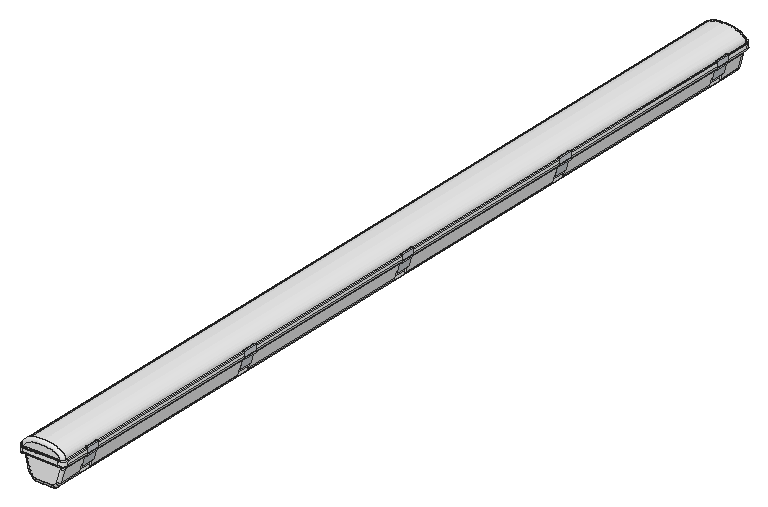
Revit family "0068081", category Lighting Fixtures, host Face, Revit 2017
Family settings
  Host = Face
  Round Connector Dimension = Use Diameter
  Part Type = Normal
  OmniClass Number = 23.80.70.11.14
  OmniClass Title = General Luminaries, Directional
  Cut with Voids When Loaded = No
  Light Source = Yes
  Shared = No
  Room Calculation Point = No
Parameters (values of type "0068081 ST WTRPRF GRP S 1500 IP65 EM 4000LM 840 - Emergency mode")
  Width = 84 mm
  Weight = "2.48 kg"
  Wattage Comments = "n/a"
  Wattage = 37 W
  WarrantyStartDate [instance] = "n/a"
  WarrantyGuarantorParts = "n/a"
  WarrantyDurationUnit = "n/a"
  WarrantyDurationParts = "n/a"
  WarrantyDescription = "n/a"
  built-in parameter 1150110 = 1 (stored number, unit not read)
  Voltage = 0 V
  URL = "http://www.sylvania-lighting.com"
  TypeName = "START Waterproof GRP Single 1500 IP65 EM 4000 840 - Emergency mode"
  Type Image = <None>
  Type Comments = "n/a"
  built-in parameter 1114217 = 1 (stored number, unit not read)
  Tilt Angle = -90.00°
  built-in parameter 1150109 = 1 (stored number, unit not read)
  built-in parameter 1150134 = 12
  built-in parameter 1150113 = 1 (stored number, unit not read)
  SerialNumber [instance] = "n/a"
  ReflectorMaterial = none
  PowerFactor = 0.95
  PowerConsumption = "37 W"
  Photometric Web File = "0068081EM.ies"
  NominalWidth = 0 mm
  NominalLength = 1578 mm
  NominalHeight = 75 mm
  Name = "START Waterproof GRP Single 1500 IP65 EM 4000 840 - Emergency mode"
  ModelReference = "START Waterproof GRP Single 1500 IP65 EM 4000 840 - Emergency mode"
  ModelNumber = "0068081"
  Model = "START Waterproof GRP Single 1500 IP65 EM 4000 840 - Emergency mode"
  Material = "composite material housing, pc polycarbonate diffuser"
  ManufacturerName = "Feilo Sylvania"
  Manufacturer = "Feilo Sylvania"
  LuminousEfficacy = "7.866 lm/W"
  built-in parameter 1150105 = 23.16 (stored number, unit not read)
  Lumens = 291.042 lm
  LuminaireType = ""
  built-in parameter 1150115 = 1 (stored number, unit not read)
  LightOutputRatio = "n/a"
  built-in parameter 1150137 = (empty or 0)
  built-in parameter 1150139 = (empty or 0)
  Length = 1572 mm
  LampsType = Lamp  # "LED"
  LampNominalLuminous = "275 lm"
  LampMacAdamStep = "n/a"
  LampColourTemperature = "4000 K"
  LampColourRenderingIndex = "80"
  built-in parameter 1150112 = 1 (stored number, unit not read)
  built-in parameter 1150114 = 1 (stored number, unit not read)
  Lamp = "LED"
  Keynote = "16500"
  InstallationDate [instance] = "n/a"
  InputVoltage = "n/a"
  InputNominalFrequency = "n/a"
  built-in parameter 1150132 = (empty or 0)
  built-in parameter 1150102 = (empty or 0)
  built-in parameter 1150107 = 4000 (stored number, unit not read)
  built-in parameter 1150138 = (empty or 0)
  IngressProtection = "IP65"
  ImpactProtectionIndex = "IK08"
  built-in parameter 1150106 = 0.2316 (stored number, unit not read)
  IfcExportType = "IfcLightFixtureType"
  IfcExportAs = "IfcLightFixtureType"
  ExpectedLife = 50000
  Emit from Rectangle Width = Width - 20 mm  # 64 mm
  Emit from Rectangle Length = Length - 20 mm  # 1552 mm
  Emit Shape Visible in Rendering = no
  ElectricShockClassification = "Class I"
  built-in parameter 1150104 = 0.73078 (stored number, unit not read)
  DurationUnit = "hours"
  DocumentationLiterature = "http://www.sylvania-lighting.com/product/en-int/products/0068081"
  DimmingControlOptions = "n/a"
  Dimming Lamp Color Temperature Shift = <None>
  DiffuserMaterial = Diffuser-Sylvania-Transparent
  Description = "Start Waterproof, integrated LED weatherproof luminaire, with UV stabilized flat diffuser and linear prisms designed to achieve uniform lit appearance, optimise light output and to reduce glare, stainless steel diffuser clips and fixing brackets for surface and wall mounting. Glass Reinforced Plastic housing for robustness, Polycarbonate diffuser, 3950lm, 37 W, 107 lm/W, 4000 K, drive current 1050 mA, non dimmable, 3 hours emergency, CRI 80, IP65, IK08, Class I, nominal average life (h): 50000, 1578mm x 84mm x 75mm, energy class: A++ A+ A, D-mark"
  Default Elevation = 1219.2 mm
  CreatedOn = "10/3/2019"
  CreatedBy = "@sylvania-lighting.com"
  Cost = 0
  Color Filter = 16777215
  built-in parameter 1114216 [instance] = (empty or 0)
  ClassificationValue = "EF_70_80"
  ClassificationName = "Uniclass2015"
  BodyMaterial = Body-Sylvania-Gray
  BarCode [instance] = "n/a"
  built-in parameter 1114218 = 1 (stored number, unit not read)
  built-in parameter 1150133 = 10 (stored number, unit not read)
  AssetType = "Fixed"
  AssetIdentifier [instance] = "n/a"
  Assembly Code = "D5020200"
  Apparent Load = 37 VA
  AccessoryMaterial = Diffuser-Sylvania-Glow
Types (2, lengths in mm): name | TypeName | Photometric Web File | Name | ModelReference | Model | LuminousEfficacy | built-in parameter 1150105 | Lumens | LampNominalLuminous | built-in parameter 1150106 | built-in parameter 1150104
  0068081 ST WTRPRF GRP S 1500 IP65 EM 4000LM 840 - Emergency mode | "START Waterproof GRP Single 1500 IP65 EM 4000 840 - Emergency mode" | "0068081EM.ies" | "START Waterproof GRP Single 1500 IP65 EM 4000 840 - Emergency mode" | "START Waterproof GRP Single 1500 IP65 EM 4000 840 - Emergency mode" | "START Waterproof GRP Single 1500 IP65 EM 4000 840 - Emergency mode" | "7.866 lm/W" | 23.16 (stored number, unit not read) | 291.042 lm | "275 lm" | 0.2316 (stored number, unit not read) | 0.73078 (stored number, unit not read)
  0068081 ST WTRPRF GRP S 1500 IP65 EM 4000LM 840 | "START Waterproof GRP Single 1500 IP65 EM 4000 840" | "0068081.ies" | "START Waterproof GRP Single 1500 IP65 EM 4000 840" | "START Waterproof GRP Single 1500 IP65 EM 4000 840" | "START Waterproof GRP Single 1500 IP65 EM 4000 840" | "107 lm/W" | 315.05 (stored number, unit not read) | 3959 lm | "3950 lm" | 3.1505 (stored number, unit not read) | 9.9406 (stored number, unit not read)
Reference planes
  plane 1 "Center (Front/Back)": y = 0
  plane 2: z = 0
  plane 3 "Center (Left/Right)": x = 0
  plane 4: z = 54
  plane 5: x = -14.7
  plane 6: x = -21.8
  plane 7: x = -26.6
  plane 8: x = -29.2
  plane 9: z = 3
  plane 10: z = 7.8
  plane 11: z = 12.3
  plane 12: z = 36.6
  plane 13: z = 42.8
  plane 14: x = -38.1
  plane 15: z = 46.2
  plane 16: x = -42
  plane 17: y = 786
  plane 18: y = -786
  plane 19: x = 14.7
  plane 20: x = 21.8
  plane 21: x = 26.6
  plane 22: x = 29.2
  plane 23: x = 38.1
  plane 24: x = 42
  plane 25: y = 778.4
  plane 26: y = -778.4
  plane 27: y = -774.7
  plane 28: y = 774.7
  plane 29: z = 74
  plane 30: x = -38.5
  plane 31: x = 38.5
  plane 32: z = 55.2
  plane 33: y = -782.5
  plane 34: y = 782.5
  plane 35: x = -24.5
  plane 36: x = 24.5
  plane 37: x = -35.7
  plane 38: x = 35.7
  plane 39: z = 50.2
  plane 40: z = 24.6
  plane 41: y = -720
  plane 42: y = -734
  plane 43: y = -706
  plane 44: y = 720
  plane 45: y = -720
  plane 46: y = -734
  plane 47: y = -706
  plane 48: y = 720
  plane 49: y = 706
  plane 50: y = 734
  plane 51: y = -360
  plane 52: y = -374
  plane 53: y = -346
  plane 54: y = 0
  plane 55: y = -14
  plane 56: y = 14
  plane 57: y = 360
  plane 58: y = 346
  plane 59: y = 374
Forms (mm)
  Sweep 1, solid, material "Body-Sylvania-Gray" <- "BodyMaterial", detail levels medium+fine
    path origin (1223.4, -4572, 54) x (0, -1, 0) y (1, 0, 0)
      loop
        arc (-3796, -1265.4) -> (-3788.929, -1262.471) -> (-3786, -1255.4) r 10
        line (-3786, -1255.4) -> (-3786, -1191.4)
        arc (-3786, -1191.4) -> (-3788.929, -1184.329) -> (-3796, -1181.4) r 10
        line (-3796, -1181.4) -> (-5348, -1181.4)
        arc (-5348, -1181.4) -> (-5355.071, -1184.329) -> (-5358, -1191.4) r 10
        line (-5358, -1191.4) -> (-5358, -1255.4)
        arc (-5358, -1255.4) -> (-5355.071, -1262.471) -> (-5348, -1265.4) r 10
        line (-5348, -1265.4) -> (-3796, -1265.4)
    profile origin (-42, 0, 54) x (-1, 0, 0) y (0, 0, 1)
      loop
        line (0, 0) -> (-1, 0) -> (-1, -7.726)
        arc (-1, -7.726) -> (-1.994, -9.498) -> (-3.9, -10.2) r 2.937
        line (-3.9, -10.2) -> (-8.571, -10.2) -> (-8.571, -11.2) -> (-3.9, -11.2)
        arc (-3.9, -11.2) -> (-1.313, -10.231) -> (0, -7.8) r 3.937
        line (0, -7.8) -> (0, 0)
  Sweep 2, solid, material "Body-Sylvania-Gray" <- "BodyMaterial", detail levels medium+fine
    path origin (0, 0, 0) x (1, 0, 0) y (0, 0, 1)
      loop
        line (35.7, 42.8) -> (35.7, 36.6) -> (29.203, 12.31)
        arc (29.203, 12.31) -> (28.199, 9.884) -> (26.6, 7.8) r 10.052
        line (26.6, 7.8) -> (21.8, 3)
        arc (21.8, 3) -> (18.554, 0.781) -> (14.7, 0) r 9.902
        line (14.7, 0) -> (0, 0) -> (-14.7, 0)
        arc (-14.7, 0) -> (-18.554, 0.781) -> (-21.8, 3) r 9.902
        line (-21.8, 3) -> (-26.6, 7.8)
        arc (-26.6, 7.8) -> (-28.199, 9.884) -> (-29.203, 12.31) r 10.052
        line (-29.203, 12.31) -> (-35.7, 36.6) -> (-35.7, 42.8)
    profile origin (0, 0, 0) x (0, 0, -1) y (0, -1, 0)
      loop
        arc (0, 773.4) -> (-1.464, 776.936) -> (-5, 778.4) r 5
        line (-5, 778.4) -> (-7.8, 778.4) -> (-7.8, -778.4) -> (-5, -778.4)
        arc (-5, -778.4) -> (-1.464, -776.936) -> (0, -773.4) r 5
        line (0, -773.4) -> (0, 773.4)
  Extrusion 3, solid, material "Body-Sylvania-Gray" <- "BodyMaterial", detail levels medium+fine
    sketch origin (1524, 778.4, 1219.2) x (1, 0, 0) y (0, 0, 1)
      loop
        arc (-1545.668, -1204.874) -> (-1545.443, -1205.418) -> (-1545.085, -1205.885) r 2.252
        line (-1545.085, -1205.885) -> (-1540.231, -1210.738)
        arc (-1540.231, -1210.738) -> (-1539.534, -1211.227) -> (-1538.7, -1211.4) r 2.102
        line (-1538.7, -1211.4) -> (-1509.3, -1211.4)
        arc (-1509.3, -1211.4) -> (-1508.466, -1211.227) -> (-1507.769, -1210.738) r 2.102
        line (-1507.769, -1210.738) -> (-1502.915, -1205.885)
        arc (-1502.915, -1205.885) -> (-1502.557, -1205.418) -> (-1502.332, -1204.874) r 2.252
        line (-1502.332, -1204.874) -> (-1496.1, -1181.575) -> (-1496.1, -1176.4) -> (-1551.9, -1176.4) -> (-1551.9, -1181.575) -> (-1545.668, -1204.874)
    from 0 to 1556.8
  Sweep 4, solid, material "Diffuser-Sylvania-Transparent" <- "DiffuserMaterial", detail levels medium+fine
    path origin (0, 0, 0) x (1, 0, 0) y (0, 0, 1)
      loop
        spline (-38.5, 55.2) -> (-37.188, 60.066) -> (-33.342, 64.6) -> (-27.224, 68.494) -> (-19.25, 71.481) -> (-9.965, 73.359) -> (0, 74) -> (9.965, 73.359) -> (19.25, 71.481) -> (27.224, 68.494) -> (33.342, 64.6) -> (37.188, 60.066) -> (38.5, 55.2)
    profile origin (38.5, 0, 55.2) x (0, -1, 0) y (1, 0, 0)
      loop
        arc (782.5, -5.5) -> (780.889, -1.611) -> (777, 0) r 5.5
        line (777, 0) -> (-777, 0)
        arc (-777, 0) -> (-780.889, -1.611) -> (-782.5, -5.5) r 5.5
        line (-782.5, -5.5) -> (-782.5, -6.3) -> (-781.5, -6.3) -> (-781.5, -5.5)
        arc (-781.5, -5.5) -> (-780.182, -2.318) -> (-777, -1) r 4.5
        line (-777, -1) -> (777, -1)
        arc (777, -1) -> (780.182, -2.318) -> (781.5, -5.5) r 4.5
        line (781.5, -5.5) -> (781.5, -6.347) -> (782.5, -6.347) -> (782.5, -5.5)
  Extrusion 5, solid, material "Diffuser-Sylvania-Transparent" <- "DiffuserMaterial", detail levels medium+fine
    sketch origin (1524, -782.5, 1219.2) x (1, 0, 0) y (0, 0, 1)
      loop
        line (-1556.653, -1164) -> (-1491.347, -1164)
        spline (-1491.347, -1164) -> (-1491.939, -1161.945) -> (-1494.434, -1159.066) -> (-1499.342, -1155.96) -> (-1506.338, -1153.35) -> (-1514.799, -1151.648) -> (-1524, -1151.047) -> (-1533.201, -1151.648) -> (-1541.662, -1153.35) -> (-1548.658, -1155.96) -> (-1553.566, -1159.066) -> (-1556.061, -1161.945) -> (-1556.653, -1164)
    from 0 to -1
  Extrusion 6, solid, material "Diffuser-Sylvania-Transparent" <- "DiffuserMaterial", detail levels medium+fine
    sketch origin (1524, 782.5, 1219.2) x (1, 0, 0) y (0, 0, 1)
      loop
        spline (-1491.3, -1164) -> (-1491.898, -1161.922) -> (-1494.404, -1159.03) -> (-1499.322, -1155.918) -> (-1506.325, -1153.305) -> (-1514.793, -1151.602) -> (-1524, -1151) -> (-1533.207, -1151.602) -> (-1541.675, -1153.305) -> (-1548.678, -1155.918) -> (-1553.596, -1159.03) -> (-1556.102, -1161.922) -> (-1556.7, -1164)
        line (-1556.7, -1164) -> (-1491.3, -1164)
    from 0 to 1
  Extrusion 7, solid, material "Diffuser-Sylvania-Glow" <- "AccessoryMaterial", detail levels fine
    sketch origin (0, 0, 0) x (1, 0, 0) y (0, 0, 1)
      loop
        circle (0, 50.2) r 8
    from -774.7 to 774.7
  Extrusion 8, void
    sketch origin (0, -720, 2343.807) x (0, 0, -1) y (-1, 0, 0)
      loop
        line (2340.807, -24.5) -> (2331.507, -24.5) -> (2319.207, -29.2) -> (2319.207, -35.7) -> (2340.807, -35.7) -> (2340.807, -24.5)
      loop
        line (2340.807, 24.5) -> (2340.807, 35.7) -> (2319.207, 35.7) -> (2319.207, 29.2) -> (2331.507, 24.5) -> (2340.807, 24.5)
    from 14 to -14
  Extrusion 9, void, not visible
    sketch origin (0, -720, 2343.807) x (0, 0, -1) y (-1, 0, 0)
      loop
        line (2340.807, -24.5) -> (2331.507, -24.5) -> (2319.207, -29.2) -> (2319.207, -35.7) -> (2340.807, -35.7) -> (2340.807, -24.5)
      loop
        line (2340.807, 24.5) -> (2340.807, 35.7) -> (2319.207, 35.7) -> (2319.207, 29.2) -> (2331.507, 24.5) -> (2340.807, 24.5)
    from 14 to -14
  Extrusion 10, void
    sketch origin (0, 720, 2343.807) x (0, 0, -1) y (-1, 0, 0)
      loop
        line (2340.807, -24.5) -> (2331.507, -24.5) -> (2319.207, -29.2) -> (2319.207, -35.7) -> (2340.807, -35.7) -> (2340.807, -24.5)
      loop
        line (2340.807, 24.5) -> (2340.807, 35.7) -> (2319.207, 35.7) -> (2319.207, 29.2) -> (2331.507, 24.5) -> (2340.807, 24.5)
    from 14 to -14
  Extrusion 11, void
    sketch origin (0, -360, 2343.807) x (0, 0, -1) y (-1, 0, 0)
      loop
        line (2340.807, -24.5) -> (2331.507, -24.5) -> (2319.207, -29.2) -> (2319.207, -35.7) -> (2340.807, -35.7) -> (2340.807, -24.5)
      loop
        line (2340.807, 24.5) -> (2340.807, 35.7) -> (2319.207, 35.7) -> (2319.207, 29.2) -> (2331.507, 24.5) -> (2340.807, 24.5)
    from 14 to -14
  Extrusion 12, void
    sketch origin (0, 0, 2343.807) x (0, 0, -1) y (-1, 0, 0)
      loop
        line (2340.807, -24.5) -> (2331.507, -24.5) -> (2319.207, -29.2) -> (2319.207, -35.7) -> (2340.807, -35.7) -> (2340.807, -24.5)
      loop
        line (2340.807, 24.5) -> (2340.807, 35.7) -> (2319.207, 35.7) -> (2319.207, 29.2) -> (2331.507, 24.5) -> (2340.807, 24.5)
    from 14 to -14
  Extrusion 13, void
    sketch origin (0, 360, 2343.807) x (0, 0, -1) y (-1, 0, 0)
      loop
        line (2340.807, -24.5) -> (2331.507, -24.5) -> (2319.207, -29.2) -> (2319.207, -35.7) -> (2340.807, -35.7) -> (2340.807, -24.5)
      loop
        line (2340.807, 24.5) -> (2340.807, 35.7) -> (2319.207, 35.7) -> (2319.207, 29.2) -> (2331.507, 24.5) -> (2340.807, 24.5)
    from 14 to -14
  Extrusion 14, solid, material "Diffuser-Sylvania-Transparent" <- "DiffuserMaterial", detail levels medium+fine
    sketch origin (1223.4, -4572, 54) x (0, -1, 0) y (-1, 0, 0)
      loop
        arc (-5348, 1265.4) -> (-5355.071, 1262.471) -> (-5358, 1255.4) r 10
        line (-5358, 1255.4) -> (-5358, 1191.4)
        arc (-5358, 1191.4) -> (-5355.071, 1184.329) -> (-5348, 1181.4) r 10
        line (-5348, 1181.4) -> (-3796, 1181.4)
        arc (-3796, 1181.4) -> (-3788.929, 1184.329) -> (-3786, 1191.4) r 10
        line (-3786, 1191.4) -> (-3786, 1255.4)
        arc (-3786, 1255.4) -> (-3788.929, 1262.471) -> (-3796, 1265.4) r 10
        line (-3796, 1265.4) -> (-5348, 1265.4)
      loop
        arc (-5354.5, 1190.394) -> (-5352.887, 1186.509) -> (-5349, 1184.9) r 5.5
        line (-5349, 1184.9) -> (-3795, 1184.9)
        arc (-3795, 1184.9) -> (-3791.113, 1186.509) -> (-3789.5, 1190.394) r 5.5
        line (-3789.5, 1190.394) -> (-3789.5, 1256.406)
        arc (-3789.5, 1256.406) -> (-3791.113, 1260.291) -> (-3795, 1261.9) r 5.5
        line (-3795, 1261.9) -> (-5349, 1261.9)
        arc (-5349, 1261.9) -> (-5352.887, 1260.291) -> (-5354.5, 1256.406) r 5.5
        line (-5354.5, 1256.406) -> (-5354.5, 1190.394)
    from 0 to -1.2
  Extrusion 15, solid, material "Body-Sylvania-Gray" <- "BodyMaterial", detail levels coarse
    sketch origin (0, 0, 0) x (1, 0, 0) y (0, 0, 1)
      loop
        line (-42, 55.2) -> (-42, 42.8) -> (-26.6, 0) -> (26.6, 0) -> (42, 42.8) -> (42, 55.2) -> (-42, 55.2)
    from -786 to 786
  Extrusion 16, solid, material "Diffuser-Sylvania-Transparent" <- "DiffuserMaterial", detail levels coarse
    sketch origin (0, 0, 0) x (1, 0, 0) y (0, 0, 1)
      loop
        line (-38.5, 55.2) -> (38.5, 55.2)
        arc (38.5, 55.2) -> (0, 74) -> (-38.5, 55.2) r 48.822
    from -778.4 to 778.4
Cuts and joins
  Extrusion 8, Extrusion 10, Extrusion 11, Extrusion 12, Extrusion 13 cuts Sweep 2
  Extrusion 8, Extrusion 10, Extrusion 11, Extrusion 12, Extrusion 13 cuts Extrusion 3
  joined: Sweep 2, Extrusion 3
  joined: Sweep 4, Extrusion 5, Extrusion 6, Extrusion 14
Dimensions and locks
  locked: plane 4 to plane 2 at 54
  plane 5 to plane 6 to plane 7 to plane 8 to plane 14 to plane 16 = 7.1 mm locked, 4.8 mm locked, 2.6 mm locked, 8.9 mm locked, 3.9 mm locked
  plane 4 to plane 15 to plane 13 to plane 12 to plane 11 to plane 10 to plane 9 = 7.8 mm locked, 3.4 mm, 6.2 mm locked, 24.3 mm locked, 4.5 mm locked, 4.8 mm locked
  equal spacing: plane 18, plane 1 "Center (Front/Back)", plane 17
  "Length": plane 18 to plane 17
  plane 19 to plane 20 to plane 21 to plane 22 to plane 23 to plane 24 = 7.1 mm locked, 4.8 mm locked, 2.6 mm locked, 8.9 mm, 3.9 mm
  equal spacing: plane 24, plane 3 "Center (Left/Right)", plane 16
  "Width": plane 24 to plane 16
  equal spacing: plane 27, plane 1 "Center (Front/Back)", plane 28
  locked: plane 26 to plane 27 at 3.7
  locked: Sweep 1 sketch curve to profile plane at 1
  locked: Sweep 1 sketch curve to plane 13 at 1
  locked: Sweep 1 sketch curve to plane 13 at 3.937  (x2)
  locked: Sweep 1 sketch curve to profile plane at 3.9  (x2)
  plane 29 to plane 4 = 20 mm
  equal spacing: plane 31, plane 3 "Center (Left/Right)", plane 30
  locked: plane 30 to plane 16 at 3.5
  locked: plane 32 to plane 4 at 1.2
  equal spacing: plane 33, plane 1 "Center (Front/Back)", plane 34
  equal spacing: plane 36, plane 3 "Center (Left/Right)", plane 35
  locked: plane 34 to plane 17 at 3.5
  equal spacing: plane 38, plane 3 "Center (Left/Right)", plane 37
  locked: plane 37 to plane 16 at 6.3
  equal spacing: plane 25, plane 1 "Center (Front/Back)", plane 26
  locked: plane 17 to plane 25 at 7.6
  locked: Sweep 2 sketch curve to plane 2 at 5  (x2)
  locked: Sweep 2 sketch curve to plane 26 at 5
  locked: plane 25 to Sweep 2 sketch curve at 5
  locked: Sweep 4 sketch curve to plane 31 at 5.5  (x2)
  locked: Sweep 4 sketch curve to plane 34 at 5.5
  plane 33 to Sweep 4 sketch curve = 5.5 mm
  locked: plane 34 to Sweep 4 sketch curve at 1
  locked: Sweep 4 sketch curve to plane 31 at 1
  locked: Sweep 4 sketch curve to Sweep 4 sketch curve at 1
  locked: Sweep 4 sketch curve to plane 31 at 6.347
  locked: Sweep 4 sketch curve to plane 31 at 6.3
  locked: plane 40 to plane 2 at 24.6
  locked: plane 6 to plane 35 at 2.7
  locked: plane 1 "Center (Front/Back)" to plane 41 at 720
  plane 43 to plane 41 to plane 42 = 14 mm locked, 14 mm locked
  locked: plane 44 to plane 1 "Center (Front/Back)" at 720
  plane 47 to plane 45 to plane 46 = 14 mm locked, 14 mm locked
  plane 50 to plane 48 to plane 49 = 14 mm locked, 14 mm locked  (x2)
  equal spacing: group 1, group 6, group 7, group 8, group 5  (x3)
  plane 53 to plane 51 to plane 52 = 14 mm locked, 14 mm locked  (x2)
  plane 56 to plane 54 to plane 55 = 14 mm locked, 14 mm locked  (x2)
  plane 59 to plane 57 to plane 58 = 14 mm locked, 14 mm locked  (x2)
  plane 48 to plane 57 to plane 1 "Center (Front/Back)" to plane 51 to plane 41 = 360 mm locked, 360 mm locked, 360 mm locked, 360 mm locked
  aligned and locked: plane 2 to host face
  aligned and locked: level to host face
  aligned and locked: plane 16 to Sweep 1 sketch curve
  aligned and locked: Sweep 1 sketch curve to plane 24
  aligned and locked: plane 18 to Sweep 1 sketch curve
  aligned and locked: Sweep 1 sketch curve to plane 13
  aligned and locked: profile plane to Sweep 1 sketch curve
  aligned and locked: plane 3 "Center (Left/Right)" to Sweep 2 sketch curve
  aligned and locked: plane 9 to Sweep 2 sketch curve
  aligned and locked: plane 10 to Sweep 2 sketch curve
  aligned and locked: plane 37 to Sweep 2 sketch curve
  aligned and locked: plane 12 to Sweep 2 sketch curve
  aligned and locked: Sweep 2 sketch curve to level
  aligned and locked: plane 21 to Sweep 2 sketch curve
  aligned and locked: plane 38 to Sweep 2 sketch curve
  aligned and locked: profile plane to Sweep 2 sketch curve
  aligned and locked: plane 25 to Sweep 2 sketch curve
  aligned and locked: Sweep 2 sketch curve to plane 10
  aligned and locked: Extrusion 3 sketch curve to Sweep 2  (x7)
  aligned and locked: Sweep 2 to Extrusion 3 sketch curve
  aligned and locked: Extrusion 3 to plane 25
  aligned and locked: plane 26 to Extrusion 3
  aligned and locked: plane 32 to Sweep 4 sketch curve
  aligned and locked: plane 33 to Sweep 4 sketch curve
  aligned and locked: Sweep 4 to Extrusion 5
  aligned and locked: plane 33 to Extrusion 5
  aligned and locked: plane 39 to Extrusion 7 sketch curve
  aligned and locked: plane 27 to Extrusion 7
  aligned and locked: Extrusion 7 to plane 28
  aligned and locked: Extrusion 6 sketch curve to Sweep 4
  aligned and locked: Extrusion 5 sketch curve to Sweep 4
  aligned and locked: Extrusion 8 to plane 43
  aligned and locked: plane 42 to Extrusion 8
  aligned and locked: Extrusion 10 to plane 50
  aligned and locked: plane 49 to Extrusion 10
  aligned and locked: Extrusion 11 to plane 53
  aligned and locked: plane 52 to Extrusion 11
  aligned and locked: Extrusion 12 to plane 56
  aligned and locked: plane 55 to Extrusion 12
  aligned and locked: Extrusion 13 to plane 59
  aligned and locked: plane 58 to Extrusion 13
  aligned and locked: plane 3 "Center (Left/Right)" to Extrusion 7 sketch curve
  aligned and locked: Extrusion 14 sketch curve to Sweep 1  (x4)
  aligned and locked: Extrusion 14 to plane 32
  aligned and locked: plane 4 to Extrusion 14
  aligned and locked: plane 48 to nested 1
  aligned and locked: plane 57 to nested 2
  aligned and locked: plane 54 to nested 3
  aligned and locked: nested 4 to plane 51
  aligned and locked: nested 5 to plane 41
  aligned and locked: plane 41 to nested 10
  aligned and locked: plane 51 to nested 9
  aligned and locked: plane 54 to nested 8
  aligned and locked: plane 57 to nested 7
  aligned and locked: plane 48 to nested 6
  aligned and locked: plane 1 "Center (Front/Back)" to imposter light
  aligned and locked: plane 3 "Center (Left/Right)" to imposter light
  aligned and locked: imposter light to plane 29
  aligned and locked: plane 7 to Extrusion 15 sketch curve
  aligned and locked: plane 2 to Extrusion 15 sketch curve
  aligned and locked: Extrusion 15 sketch curve to nested 6
  aligned and locked: Extrusion 15 sketch curve to nested 1
  aligned and locked: plane 18 to Extrusion 15
  aligned and locked: Extrusion 15 to plane 17
  aligned and locked: Extrusion 15 to Sweep 1  (x2)
  aligned and locked: plane 30 to Extrusion 16 sketch curve
  aligned and locked: plane 31 to Extrusion 16 sketch curve
  aligned and locked: Extrusion 16 sketch curve to cut or joined group of Sweep 4, Extrusion 5, Extrusion 6, Extrusion 14
  aligned and locked: Extrusion 16 to plane 25
  aligned and locked: plane 26 to Extrusion 16
Automatic sketch dimensions
  host sketch curve to host sketch curve = 2438.4 mm  (x2)
  plane 17 to Sweep 1 sketch curve = 0 mm
  Sweep 1 sketch curve to plane 28 = 1.3 mm
  Sweep 1 sketch curve to plane 7 = 5.4 mm
  plane 27 to Sweep 1 sketch curve = 1.3 mm  (x2)
  Sweep 1 sketch curve to Sweep 1 sketch curve = 4.671 mm
  Sweep 1 sketch curve to plane 4 = 0 mm
  Sweep 2 sketch curve to plane 7 = 0 mm
  Sweep 2 sketch curve to plane 6 = 0 mm
  Sweep 2 sketch curve to plane 5 = 0 mm
  plane 19 to Sweep 2 sketch curve = 0 mm
  Sweep 2 sketch curve to plane 9 = 0 mm
  plane 20 to Sweep 2 sketch curve = 0 mm
  Sweep 2 sketch curve to plane 12 = 0 mm
  Sweep 2 sketch curve to plane 10 = 0 mm
  Sweep 2 sketch curve to plane 13 = 0 mm  (x2)
  Sweep 2 sketch curve to plane 8 = 0.003 mm
  plane 6 to Sweep 2 sketch curve = 2.308 mm
  plane 20 to Sweep 2 sketch curve = 2.308 mm
  Sweep 2 sketch curve to plane 22 = 0.003 mm
  Sweep 2 sketch curve to plane 11 = 0.01 mm  (x2)
  Extrusion 3 sketch curve to plane 5 = 0 mm
  plane 19 to Extrusion 3 sketch curve = 0 mm
  plane 6 to Extrusion 3 sketch curve = 0.132 mm
  plane 6 to Extrusion 3 sketch curve = 0.715 mm
  Extrusion 3 sketch curve to Extrusion 3 sketch curve = 1.592 mm
  Extrusion 3 sketch curve to plane 10 = 0.662 mm  (x2)
  plane 20 to Extrusion 3 sketch curve = 2.308 mm
  plane 20 to Extrusion 3 sketch curve = 0.715 mm
  plane 20 to Extrusion 3 sketch curve = 0.132 mm
  Sweep 4 sketch curve to plane 30 = 0 mm
  Sweep 4 sketch curve to plane 3 "Center (Left/Right)" = 0 mm
  Sweep 4 sketch curve to Sweep 4 sketch curve = 0 mm  (x2)
  plane 37 to Extrusion 6 sketch curve = 3 mm
  Extrusion 6 sketch curve to plane 38 = 3 mm
  plane 37 to Extrusion 5 sketch curve = 3.047 mm
  Extrusion 5 sketch curve to plane 38 = 3.047 mm
  Extrusion 8 sketch curve to Extrusion 8 sketch curve = 0 mm
  Extrusion 8 sketch curve to Extrusion 8 sketch curve = 12.3 mm  (x2)
  Extrusion 8 sketch curve to Extrusion 8 sketch curve = 9.3 mm  (x2)
  Extrusion 8 sketch curve to Extrusion 8 sketch curve = 6.5 mm  (x2)
  Extrusion 8 sketch curve to Extrusion 8 sketch curve = 4.7 mm  (x2)
  Extrusion 8 sketch curve to Extrusion 8 sketch curve = 49 mm
  Extrusion 9 sketch curve to Extrusion 9 sketch curve = 0 mm
  Extrusion 9 sketch curve to Extrusion 9 sketch curve = 12.3 mm  (x2)
  Extrusion 9 sketch curve to Extrusion 9 sketch curve = 9.3 mm  (x2)
  Extrusion 9 sketch curve to Extrusion 9 sketch curve = 6.5 mm  (x2)
  Extrusion 9 sketch curve to Extrusion 9 sketch curve = 4.7 mm  (x2)
  Extrusion 9 sketch curve to Extrusion 9 sketch curve = 49 mm
  Extrusion 10 sketch curve to Extrusion 10 sketch curve = 0 mm
  Extrusion 10 sketch curve to Extrusion 10 sketch curve = 12.3 mm  (x2)
  Extrusion 10 sketch curve to Extrusion 10 sketch curve = 9.3 mm  (x2)
  Extrusion 10 sketch curve to Extrusion 10 sketch curve = 6.5 mm  (x2)
  Extrusion 10 sketch curve to Extrusion 10 sketch curve = 4.7 mm  (x2)
  Extrusion 10 sketch curve to Extrusion 10 sketch curve = 49 mm
  Extrusion 11 sketch curve to Extrusion 11 sketch curve = 0 mm
  Extrusion 11 sketch curve to Extrusion 11 sketch curve = 12.3 mm  (x2)
  Extrusion 11 sketch curve to Extrusion 11 sketch curve = 9.3 mm  (x2)
  Extrusion 11 sketch curve to Extrusion 11 sketch curve = 6.5 mm  (x2)
  Extrusion 11 sketch curve to Extrusion 11 sketch curve = 4.7 mm  (x2)
  Extrusion 11 sketch curve to Extrusion 11 sketch curve = 49 mm
  Extrusion 12 sketch curve to Extrusion 12 sketch curve = 0 mm
  Extrusion 12 sketch curve to Extrusion 12 sketch curve = 12.3 mm  (x2)
  Extrusion 12 sketch curve to Extrusion 12 sketch curve = 9.3 mm  (x2)
  Extrusion 12 sketch curve to Extrusion 12 sketch curve = 6.5 mm  (x2)
  Extrusion 12 sketch curve to Extrusion 12 sketch curve = 4.7 mm  (x2)
  Extrusion 12 sketch curve to Extrusion 12 sketch curve = 49 mm
  Extrusion 13 sketch curve to Extrusion 13 sketch curve = 0 mm
  Extrusion 13 sketch curve to Extrusion 13 sketch curve = 12.3 mm  (x2)
  Extrusion 13 sketch curve to Extrusion 13 sketch curve = 9.3 mm  (x2)
  Extrusion 13 sketch curve to Extrusion 13 sketch curve = 6.5 mm  (x2)
  Extrusion 13 sketch curve to Extrusion 13 sketch curve = 4.7 mm  (x2)
  Extrusion 13 sketch curve to Extrusion 13 sketch curve = 49 mm
  Extrusion 14 sketch curve to plane 34 = 0 mm
  plane 30 to Extrusion 14 sketch curve = 0 mm
  Extrusion 14 sketch curve to plane 31 = 0 mm
  plane 33 to Extrusion 14 sketch curve = 0 mm
  plane 25 to Extrusion 14 sketch curve = 1.4 mm  (x4)
  Extrusion 14 sketch curve to plane 26 = 1.4 mm  (x4)
  plane 37 to Extrusion 14 sketch curve = 2.694 mm  (x2)
  Extrusion 14 sketch curve to plane 38 = 2.694 mm  (x2)
  plane 21 to Extrusion 15 sketch curve = 0 mm
  Extrusion 15 sketch curve to plane 13 = 0 mm  (x2)
  Extrusion 15 sketch curve to plane 32 = 0 mm
  Extrusion 16 sketch curve to plane 40 = 0.578 mm
  radius of Extrusion 7 sketch curve = 8 mm
Nested families
  nested 1: "Clip" at (-29.2, 720, 24.6) x (-1, 0, 0) z (0, 0, 1), type "Clip", detail levels fine
  nested 2: "Clip" at (-29.2, 360, 24.6) x (-1, 0, 0) z (0, 0, 1), type "Clip", detail levels fine
  nested 3: "Clip" at (-29.2, 0, 24.6) x (-1, 0, 0) z (0, 0, 1), type "Clip", detail levels fine
  nested 4: "Clip" at (-29.2, -360, 24.6) x (-1, 0, 0) z (0, 0, 1), type "Clip", detail levels fine
  nested 5: "Clip" at (-29.2, -720, 24.6) x (-1, 0, 0) z (0, 0, 1), type "Clip", detail levels fine
  nested 6: "Clip" at (29.2, 720, 24.6), type "Clip", detail levels fine
  nested 7: "Clip" at (29.2, 360, 24.6), type "Clip", detail levels fine
  nested 8: "Clip" at (29.2, 0, 24.6), type "Clip", detail levels fine
  nested 9: "Clip" at (29.2, -360, 24.6), type "Clip", detail levels fine
  nested 10: "Clip" at (29.2, -720, 24.6), type "Clip", detail levels fine
Connectors
  electrical at (0, 0, 0), driven by "Apparent Load"
    settings: index 1, voltage 230 V, apparent load 37 VA, apparent load phase1 0 VA, apparent load phase2 0 VA, apparent load phase3 0 VA, power factor 0, load classification "Lighting", number of poles 1, system type 30, power factor state 1, is connector primary yes, connector utility no, sub classification motor no, connector description ""
Definition of nested family "Clip"
  Parameters (values of type "Clip")
    URL = "http://www.feilosylvania.com"
    Type Comments = "n/a"
    Model = "n/a"
    Manufacturer = "Feilo Sylvania"
    Keynote = "n/a"
    Description = "n/a"
    Default Elevation = 1219.2 mm
    Cost = 0
    BodyMaterial = none
    Assembly Code = "n/a"
  Reference planes
    plane 1 "Center (Front/Back)": y = 0
    plane 2: z = 0
    plane 3 "Center (Left/Right)": x = 0
    plane 4: x = 3.3
    plane 5: x = 6.5
    plane 6: x = 8.9
    plane 7: x = 12.8
    plane 8: z = 12
    plane 9: z = 18.2
    plane 10: z = 21.6
    plane 11: z = 30.6
    plane 12: x = 9.3
    plane 13: z = 19.2
    plane 14: z = 16.2
    plane 15: x = 10.1
    plane 16: y = 12
    plane 17: y = -12
  Forms (mm)
    Extrusion 1, solid
      sketch origin (-0.8, 0, 0) x (1, 0, 0) y (0, 1, 0)
        loop
          line (-1219.2, 1219.2) -> (-1219.2, -1219.2) -> (1219.2, -1219.2) -> (1219.2, 1219.2) -> (-1219.2, 1219.2)
      from 0 to -304.8
    Extrusion 2, solid
      sketch origin (0, 0, 0) x (1, 0, 0) y (0, 0, 1)
        loop
          line (8.9, 16.2) -> (4.58, 0) -> (0, 0) -> (0, -0.8) -> (5.195, -0.8) -> (9.603, 15.731) -> (13.6, 18.806) -> (13.6, 30.6)
          arc (13.6, 30.6) -> (11.45, 32.75) -> (9.3, 30.6) r 2.15
          line (9.3, 30.6) -> (10.1, 30.6)
          arc (10.1, 30.6) -> (11.45, 31.95) -> (12.8, 30.6) r 1.35
          line (12.8, 30.6) -> (12.8, 19.2) -> (8.9, 16.2)
      from -12 to 12
  Lines and regions (mm)
    reference lines
      curve 1: line (3.3, 0, 0) -> (6.5, 0, 12)
      curve 2: arc (8.9, 0, 18.2) -> (11.488, 0, 19.169) -> (12.8, 0, 21.6) r 3.934
  Dimensions and locks
    plane 7 to plane 6 to plane 5 to plane 4 to plane 3 "Center (Left/Right)" = 3.9 mm locked, 2.4 mm locked, 3.2 mm locked, 3.3 mm locked
    plane 11 to plane 10 to plane 9 to plane 8 to plane 2 = 9 mm locked, 3.4 mm locked, 6.2 mm locked, 12 mm locked
    locked: plane 7 to plane 12 at 3.5
    locked: plane 13 to plane 9 at 1
    locked: plane 9 to plane 14 at 2
    locked: plane 15 to plane 12 at 0.8
    locked: plane 2 to Extrusion 2 sketch curve at 0.8
    locked: Extrusion 2 sketch curve to Extrusion 2 sketch curve at 0.8  (x3)
    locked: plane 7 to Extrusion 2 sketch curve at 1.35
    equal spacing: plane 17, plane 1 "Center (Front/Back)", plane 16
    locked: plane 1 "Center (Front/Back)" to plane 16 at 12
    aligned and locked: plane 2 to Extrusion 1
    aligned and locked: level to Extrusion 1
    aligned and locked: plane 4 to curve 1
    aligned and locked: plane 5 to curve 1
    aligned and locked: plane 6 to curve 2
    aligned and locked: plane 10 to curve 2
    aligned and locked: plane 14 to Extrusion 2 sketch curve
    aligned and locked: plane 13 to Extrusion 2 sketch curve
    aligned and locked: plane 7 to Extrusion 2 sketch curve
    aligned and locked: plane 3 "Center (Left/Right)" to Extrusion 2 sketch curve
    aligned and locked: Extrusion 2 sketch curve to level
    aligned and locked: Extrusion 2 sketch curve to plane 11
    aligned and locked: plane 11 to Extrusion 2 sketch curve
    aligned and locked: Extrusion 2 to plane 16
    aligned and locked: plane 17 to Extrusion 2
  Automatic sketch dimensions
    Extrusion 1 sketch curve to Extrusion 1 sketch curve = 2438.4 mm  (x2)
    curve 2 to plane 7 = 0 mm
    curve 1 to level = 0 mm
    curve 1 to plane 8 = 0 mm
    curve 2 to plane 9 = 0 mm
    plane 6 to curve 2 = 0.002 mm
    Extrusion 2 sketch curve to Extrusion 2 sketch curve = 0 mm
    Extrusion 2 sketch curve to plane 6 = 0 mm
    plane 4 to Extrusion 2 sketch curve = 1.28 mm
